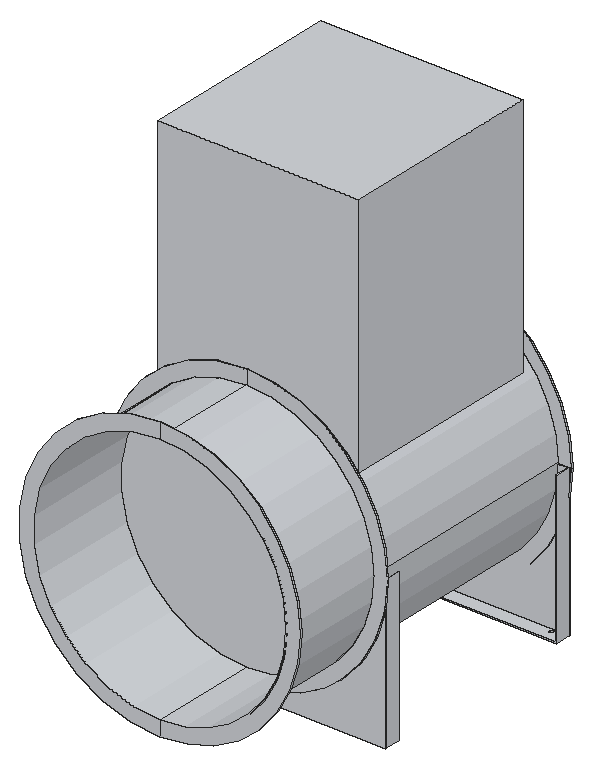
Revit family "AFBV-H_Horizontal_Floor_Mount", category Mechanical Equipment, Revit 2019
Family settings
  Round Connector Dimension = Use Radius
  Part Type = Normal
  Work Plane-Based = No
  Always vertical = Yes
  Cut with Voids When Loaded = No
  Shared = No
  Room Calculation Point = No
Parameters (values of type "36_AFBV-H_HOR_FLOOR")
  VANE = 1' - 4"
  Unit Weight [instance] = ""
  P/2 = P / 2  # 0' - 0 9/32"
  P = 0' - 0 9/16"  # constant formula
  N = 1' - 6 5/16"
  ModelID [instance] = ""
  M/2 = M / 2  # 1' - 8 5/16"
  M = 3' - 4 5/8"
  L = 0' - 0 15/16"
  K/2 = K / 2  # 1' - 4 1/16"
  K = 2' - 8 1/8"
  J-(C/2) = J - (C / 2)  # 0' - 2 5/8"
  J = 1' - 10 1/8"
  H-(A/2) = H - (A / 2)  # 2' - 4 3/4"
  H+J = H + J  # 5' - 9 3/8"
  H = 3' - 11 1/4"
  Sones [instance] = ""
  Motor RPM [instance] = ""
  Motor Enclosure [instance] = ""
  LwA [instance] = ""
  G = 6' - 0"
  Fan RPM [instance] = ""
  F/2 = F / 2  # 0' - 0 7/32"
  F = 0' - 0 7/16"
  E/2 = E / 2  # 1' - 5"
  E-2" = E - 0' 2"  # 2' - 8"
  E = 2' - 10"
  C/2+J = C / 2 + J  # 3' - 5 5/8"
  C/2 = C / 2  # 1' - 7 1/2"
  C = 3' - 3"
  B/2 = B / 2  # 1' - 8 11/16"
  B = 3' - 5 3/8"
  Accessories [instance] = ""
  A/3 = A / 2.5  # 1' - 2.8"
  A/2 = A / 2  # 1' - 6 1/2"
  A = 3' - 1"
  60 = 60.00°  # constant formula
  30 = 30.00°  # constant formula
  3" = 0' - 3"  # constant formula
  Brake Hp [instance] = ""
  4" = 0' - 4"  # constant formula
  2' = 2' - 0"
  2" = 0' - 2"  # constant formula
  1" = 0' - 1"  # constant formula
  0 = 0' - 0"  # constant formula
  Voltage [instance] = 0 V
  URL = "www.lorencook.com"
  Type Comments = "Tube Axial Fan Horizontal Floor Mount High Temperature Construction Belt Drive Arrangement 9"  # constant formula
  Static Pressure [instance] = 0.00 in-wg
  Power [instance] = Voltage * Motor FLA * sqrt(if(Phase = 3, 3, 1))  # 0 VA
  Phase [instance] = 0
  Number of Poles [instance] = 1
  Motor Hp [instance] = "0"
  Motor FLA [instance] = 0 A
  Model = "AFBV-H"  # constant formula
  Manufacturer = "Loren Cook Company"
  CFM [instance] = 0 CFM
  1.5 = 0' - 1 1/2"  # constant formula
  ONE EIGTH = 0' - 0 1/8"  # constant formula
  -E/2 = -E / 2  # -1' - 5"
  -(E-.25")/2 = -(E - 0' 0 1/4") / 2  # -1' - 4 7/8"
  (H-(A/2))/2 = (H - (A / 2)) / 2  # 1' - 2 3/8"
  (E-.25")/2 = (E - 0' 0 1/4") / 2  # 1' - 4 7/8"
  (A+.25")/2 = (A + 0' 0 1/4") / 2  # 1' - 6 5/8"
Types (10): name | VANE | N | M/2 | M | K/2 | K | J-(C/2) | J | H-(A/2) | H+J | H | F/2 | F | E/2 | E-2" | E | C/2+J | C/2 | C | B/2 | B | A/3 | A/2 | A | -E/2 | -(E-.25")/2 | (H-(A/2))/2 | (E-.25")/2 | (A+.25")/2
  (no name) | 1' - 4" | 1' - 6 5/16" | 1' - 8 5/16" | 3' - 4 5/8" | 1' - 4 1/16" | 2' - 8 1/8" | 0' - 2 5/8" | 1' - 10 1/8" | 2' - 4 3/4" | 5' - 9 3/8" | 3' - 11 1/4" | 0' - 0 7/32" | 0' - 0 7/16" | 1' - 5" | 2' - 8" | 2' - 10" | 3' - 5 5/8" | 1' - 7 1/2" | 3' - 3" | 1' - 8 11/16" | 3' - 5 3/8" | 1' - 2.8" | 1' - 6 1/2" | 3' - 1" | -1' - 5" | -1' - 4 7/8" | 1' - 2 3/8" | 1' - 4 7/8" | 1' - 6 5/8"
  12_AFBV-H_HOR_FLOOR | 0' - 6" | 0' - 6" | 0' - 8" | 1' - 4" | 0' - 10 1/16" | 1' - 8 1/8" | 0' - 2 7/16" | 0' - 9 3/4" | 1' - 6 3/16" | 2' - 10 3/8" | 2' - 0 5/8" | 0' - 0 5/32" | 0' - 0 5/16" | 0' - 11" | 1' - 8" | 1' - 10" | 1' - 5 1/16" | 0' - 7 5/16" | 1' - 2 5/8" | 0' - 7 13/16" | 1' - 3 5/8" | 0' - 5.15" | 0' - 6 7/16" | 1' - 0 7/8" | -0' - 11" | -0' - 10 7/8" | 0' - 9 3/32" | 0' - 10 7/8" | 0' - 6 9/16"
  16_AFBV-H_HOR_FLOOR | 0' - 10" | 0' - 8" | 0' - 10" | 1' - 8" | 0' - 11 9/16" | 1' - 11 1/8" | 0' - 2 7/16" | 0' - 11 3/4" | 1' - 9 11/16" | 3' - 5 7/8" | 2' - 6 1/8" | 0' - 0 5/32" | 0' - 0 5/16" | 1' - 0 1/2" | 1' - 11" | 2' - 1" | 1' - 9 1/16" | 0' - 9 5/16" | 1' - 6 5/8" | 0' - 9 13/16" | 1' - 7 5/8" | 0' - 6 3/4" | 0' - 8 7/16" | 1' - 4 7/8" | -1' - 0 1/2" | -1' - 0 3/8" | 0' - 10 27/32" | 1' - 0 3/8" | 0' - 8 9/16"
  18_AFBV-H_HOR_FLOOR | 0' - 11" | 0' - 9" | 0' - 11" | 1' - 10" | 0' - 11 9/16" | 1' - 11 1/8" | 0' - 2 7/16" | 1' - 0 3/4" | 1' - 9 11/16" | 3' - 7 7/8" | 2' - 7 1/8" | 0' - 0 5/32" | 0' - 0 5/16" | 1' - 0 1/2" | 1' - 11" | 2' - 1" | 1' - 11 1/16" | 0' - 10 5/16" | 1' - 8 5/8" | 0' - 10 13/16" | 1' - 9 5/8" | 0' - 7.55" | 0' - 9 7/16" | 1' - 6 7/8" | -1' - 0 1/2" | -1' - 0 3/8" | 0' - 10 27/32" | 1' - 0 3/8" | 0' - 9 9/16"
  24_AFBV-H_HOR_FLOOR | 1' - 1" | 1' - 0 1/4" | 1' - 2 1/4" | 2' - 4 1/2" | 1' - 2 9/16" | 2' - 5 1/8" | 0' - 2 9/16" | 1' - 4" | 2' - 3 7/16" | 4' - 7 7/8" | 3' - 3 7/8" | 0' - 0 7/32" | 0' - 0 7/16" | 1' - 3 1/2" | 2' - 5" | 2' - 7" | 2' - 5 7/16" | 1' - 1 7/16" | 2' - 2 7/8" | 1' - 2 9/16" | 2' - 5 1/8" | 0' - 9.95" | 1' - 0 7/16" | 2' - 0 7/8" | -1' - 3 1/2" | -1' - 3 3/8" | 1' - 1 23/32" | 1' - 3 3/8" | 1' - 0 9/16"
  28_AFBV-H_HOR_FLOOR | 1' - 1" | 1' - 2 1/4" | 1' - 4 1/4" | 2' - 8 1/2" | 1' - 2 9/16" | 2' - 5 1/8" | 0' - 2 9/16" | 1' - 6" | 2' - 3 7/16" | 4' - 11 7/8" | 3' - 5 7/8" | 0' - 0 7/32" | 0' - 0 7/16" | 1' - 3 1/2" | 2' - 5" | 2' - 7" | 2' - 9 7/16" | 1' - 3 7/16" | 2' - 6 7/8" | 1' - 4 9/16" | 2' - 9 1/8" | 0' - 11.55" | 1' - 2 7/16" | 2' - 4 7/8" | -1' - 3 1/2" | -1' - 3 3/8" | 1' - 1 23/32" | 1' - 3 3/8" | 1' - 2 9/16"
  32_AFBV-H_HOR_FLOOR | 1' - 3" | 1' - 4 5/16" | 1' - 6 5/16" | 3' - 0 5/8" | 1' - 4 1/16" | 2' - 8 1/8" | 0' - 2 5/8" | 1' - 8 1/8" | 2' - 4 3/4" | 5' - 5 3/8" | 3' - 9 1/4" | 0' - 0 7/32" | 0' - 0 7/16" | 1' - 5" | 2' - 8" | 2' - 10" | 3' - 1 5/8" | 1' - 5 1/2" | 2' - 11" | 1' - 6 5/8" | 3' - 1 1/4" | 1' - 1.2" | 1' - 4 1/2" | 2' - 9" | -1' - 5" | -1' - 4 7/8" | 1' - 2 3/8" | 1' - 4 7/8" | 1' - 4 5/8"
  36_AFBV-H_HOR_FLOOR | 1' - 4" | 1' - 6 5/16" | 1' - 8 5/16" | 3' - 4 5/8" | 1' - 4 1/16" | 2' - 8 1/8" | 0' - 2 5/8" | 1' - 10 1/8" | 2' - 4 3/4" | 5' - 9 3/8" | 3' - 11 1/4" | 0' - 0 7/32" | 0' - 0 7/16" | 1' - 5" | 2' - 8" | 2' - 10" | 3' - 5 5/8" | 1' - 7 1/2" | 3' - 3" | 1' - 8 11/16" | 3' - 5 3/8" | 1' - 2.8" | 1' - 6 1/2" | 3' - 1" | -1' - 5" | -1' - 4 7/8" | 1' - 2 3/8" | 1' - 4 7/8" | 1' - 6 5/8"
  14_AFBV-H_HOR_FLOOR | 0' - 8" | 0' - 6" | 0' - 9" | 1' - 6" | 0' - 10 1/16" | 1' - 8 1/8" | 0' - 2 7/16" | 0' - 10 3/4" | 1' - 6 3/16" | 3' - 0 3/8" | 2' - 1 5/8" | 0' - 0 5/32" | 0' - 0 5/16" | 0' - 11" | 1' - 8" | 1' - 10" | 1' - 7 1/16" | 0' - 8 5/16" | 1' - 4 5/8" | 0' - 8 13/16" | 1' - 5 5/8" | 0' - 5.95" | 0' - 7 7/16" | 1' - 2 7/8" | -0' - 11" | -0' - 10 7/8" | 0' - 9 3/32" | 0' - 10 7/8" | 0' - 7 9/16"
  20_AFBV-H_HOR_FLOOR | 1' - 0" | 0' - 10 1/4" | 1' - 0 1/4" | 2' - 0 1/2" | 1' - 2 9/16" | 2' - 5 1/8" | 0' - 4 13/16" | 1' - 4" | 2' - 5 7/16" | 4' - 7 7/8" | 3' - 3 7/8" | 0' - 0 5/32" | 0' - 0 5/16" | 1' - 3 1/2" | 2' - 5" | 2' - 7" | 2' - 3 3/16" | 0' - 11 3/16" | 1' - 10 3/8" | 0' - 11 13/16" | 1' - 11 5/8" | 0' - 8.35" | 0' - 10 7/16" | 1' - 8 7/8" | -1' - 3 1/2" | -1' - 3 3/8" | 1' - 2 23/32" | 1' - 3 3/8" | 0' - 10 9/16"
Reference planes (in)
  plane 1 "Center (Front/Back)": y = 0
  plane 2: z = 0
  plane 3 "Center (Left/Right)": x = 0.40541
Forms (in)
  Extrusion 1, solid
    sketch origin (0, 0, 0) x (1, 0, 0) y (0, 0, 1)
      loop
        circle (0.40541, 22.125) r 20.6875
    from 17 <- "E/2" to -17 <- "-E/2"
  Extrusion 2, void
    sketch origin (0, 0, 0) x (1, 0, 0) y (0, 0, 1)
      loop
        circle (0.40541, 22.125) r 20.6875
      loop
        circle (0.40541, 22.125) r 18.625
    from 16.875 <- "(E-.25")/2" to -16.875 <- "-(E-.25")/2"
  Extrusion 3, solid
    sketch origin (0, -16.875, 0) x (-1, 0, 0) y (0, 0, 1)
      loop
        line (14.39459, 33.43211) -> (14.39459, 69.375) -> (-15.20541, 69.375) -> (-15.20541, 33.43211)
        arc (-15.20541, 33.43211) -> (-0.40541, 40.75) -> (14.39459, 33.43211) r 18.625
    from 2 to 32 <- "E-2""
  Extrusion 4, solid
    sketch origin (0, -17, 0) x (1, 0, 0) y (0, 0, 1)
      loop
        line (-18.21959, 22.125) -> (-19.90709, 22.125) -> (-19.90709, 0) -> (20.71791, 0) -> (20.71791, 22.125) -> (19.03041, 22.125)
        arc (19.03041, 22.125) -> (0.40541, 3.5) -> (-18.21959, 22.125) r 18.625
    from -0.25 to -0.125
  Extrusion 5, solid
    sketch origin (0, 16.875, 0) x (1, 0, 0) y (0, 0, 1)
      loop
        line (-18.21959, 22.125) -> (-19.90709, 22.125) -> (-19.90709, 0) -> (20.71791, 0) -> (20.71791, 22.125) -> (19.03041, 22.125)
        arc (19.03041, 22.125) -> (0.40541, 3.5) -> (-18.21959, 22.125) r 18.625
    from 0 to 0.125
  Extrusion 6, solid
    sketch origin (0, 16.875, 0) x (-1, 0, 0) y (0, 0, 1)
      loop
        line (-20.71791, 22.125) -> (-20.71791, 0) -> (19.90709, 0) -> (19.90709, 22.125) -> (19.78209, 22.125) -> (19.78209, 0.125) -> (-20.59291, 0.125) -> (-20.59291, 22.125) -> (-20.71791, 22.125)
    from -0.125 to -2.375
  Extrusion 7, solid
    sketch origin (0, -16.875, 0) x (1, 0, 0) y (0, 0, 1)
      loop
        line (-19.90709, 22.125) -> (-19.90709, 0) -> (20.71791, 0) -> (20.71791, 22.125) -> (20.59291, 22.125) -> (20.59291, 0.125) -> (-19.78209, 0.125) -> (-19.78209, 22.125) -> (-19.90709, 22.125)
    from -0.125 to -2.375
  Extrusion 8, void
    sketch origin (0, 0, 0) x (1, 0, 0) y (0, 1, 0)
      loop
        circle (-17.90709, 16.0625) r 0.28125
      loop
        circle (18.71791, 16.0625) r 0.28125
      loop
        circle (18.71791, -16.0625) r 0.28125
      loop
        circle (-17.90709, -16.0625) r 0.28125
    from 0 to 0.125
  Revolve 9, solid
    sketch origin (0.40541, 0, 0) x (0, 1, 0) y (0, 0, 1)
      loop
        line (-32.875, 42.8125) -> (-32.875, 40.625) -> (-16.875, 40.625) -> (-16.875, 42.8125) -> (-17, 42.8125) -> (-17, 40.75) -> (-32.75, 40.75) -> (-32.75, 42.8125) -> (-32.875, 42.8125)
      axis (-32.875, 22.125) -> (-16.875, 22.125)
    angle from 0 to 360
Cuts and joins
  Extrusion 2 cuts Extrusion 1
  Extrusion 8 cuts Extrusion 6
  Extrusion 8 cuts Extrusion 7
Dimensions and locks (in)
  "0": Extrusion 1 sketch curve to plane 3 "Center (Left/Right)"
  "J": Extrusion 1 sketch curve to level
  "0": Extrusion 2 sketch curve to plane 3 "Center (Left/Right)"  (x2)
  "J": Extrusion 2 sketch curve to level  (x2)
  "0": Extrusion 3 sketch curve to plane 3 "Center (Left/Right)"
  "J": Extrusion 3 sketch curve to level
  "H+J": Extrusion 3 sketch curve to level
  "A/3": plane 3 "Center (Left/Right)" to Extrusion 3 sketch curve  (x2)
  "J": Extrusion 4 sketch curve to level  (x4)
  "0": Extrusion 4 sketch curve to plane 3 "Center (Left/Right)"
  "M/2": Extrusion 4 sketch curve to plane 3 "Center (Left/Right)"  (x2)
  "J": level to Extrusion 5 sketch curve
  "0": Extrusion 5 sketch curve to plane 3 "Center (Left/Right)"
  "0": Extrusion 5 sketch curve to level
  "0": Extrusion 5 sketch curve to Extrusion 4  (x3)
  "0": level to Extrusion 6 sketch curve
  "ONE EIGTH": level to Extrusion 6 sketch curve
  "ONE EIGTH": Extrusion 6 sketch curve to Extrusion 6 sketch curve  (x2)
  "0": Extrusion 6 sketch curve to Extrusion 5
  "0": Extrusion 5 to Extrusion 6 sketch curve  (x2)
  "ONE EIGTH": Extrusion 7 sketch curve to Extrusion 7 sketch curve  (x2)
  "ONE EIGTH": Extrusion 7 sketch curve to level
  "0": Extrusion 7 sketch curve to level
  "0": Extrusion 7 sketch curve to Extrusion 4  (x2)
  "0": Extrusion 4 to Extrusion 7 sketch curve
  "M/2": Extrusion 6 sketch curve to plane 3 "Center (Left/Right)"
  "K/2": plane 1 "Center (Front/Back)" to Extrusion 8 sketch curve  (x4)
  "N": Extrusion 8 sketch curve to plane 3 "Center (Left/Right)"  (x4)
  "0": Extrusion 4 sketch curve to level
  "J": Extrusion 7 sketch curve to level
  "J": level to Revolve 9 sketch curve
  "(A+.25")/2": Revolve 9 sketch curve to Revolve 9 sketch curve
  "B/2": Revolve 9 sketch curve to Revolve 9 sketch curve  (x2)
  "ONE EIGTH": Revolve 9 sketch curve to Revolve 9 sketch curve  (x3)
  "VANE": Revolve 9 sketch curve to Revolve 9 sketch curve
  "0": Revolve 9 sketch curve to cut or joined group of Extrusion 1, Extrusion 2
  "B/2": radius of Extrusion 1 sketch curve
  "(A+.25")/2": radius of Extrusion 2 sketch curve
  "B/2": radius of Extrusion 2 sketch curve
  "(A+.25")/2": radius of Extrusion 3 sketch curve
  "(A+.25")/2": radius of Extrusion 4 sketch curve
  "(A+.25")/2": radius of Extrusion 5 sketch curve
  "P/2": radius of Extrusion 8 sketch curve  (x4)
Automatic sketch dimensions
  Extrusion 3 sketch curve to Extrusion 3 sketch curve = 0' - 0"
  Revolve 9 sketch curve to Revolve 9 sketch curve = 0' - 5.03349"
  Revolve 9 sketch curve to Revolve 9 sketch curve = 0' - 9.96651"
Connectors (in)
  electrical at (15.20541, 0.125, 51.40355)
    settings: on Extrusion 3, index 1, voltage 0 V, apparent load 0 VA, apparent load phase1 0 VA, apparent load phase2 0 VA, apparent load phase3 0 VA, power factor 1, load classification "Other", number of poles 1, system type 30, power factor state 1, is connector primary yes, connector utility no, sub classification motor no, connector description ""
  hvac at (0.40541, 17, 22.125), driven by "A/2"
    settings: on cut or joined group of Extrusion 1, Extrusion 2, index 3, duct flow 0 CFM, flow factor 0, pres drop 0.00 in-wg, loss coef 0, conn angle 0.00°, conn width 12", conn height 12", conn diameter 37", duct sys type 29, conn prof type 0, flow config 0, flow direction 1, loss method 0, conn ref index -1, conn util no, is conn primary yes, conn desc ""
  hvac at (0.40541, -32.875, 22.125), driven by "A/2"
    settings: on Revolve 9, index 4, duct flow 0 CFM, flow factor 0, pres drop 0.00 in-wg, loss coef 0, conn angle 0.00°, conn width 12", conn height 12", conn diameter 37", duct sys type 29, conn prof type 0, flow config 0, flow direction 2, loss method 0, conn ref index -1, conn util no, is conn primary no, conn desc ""
